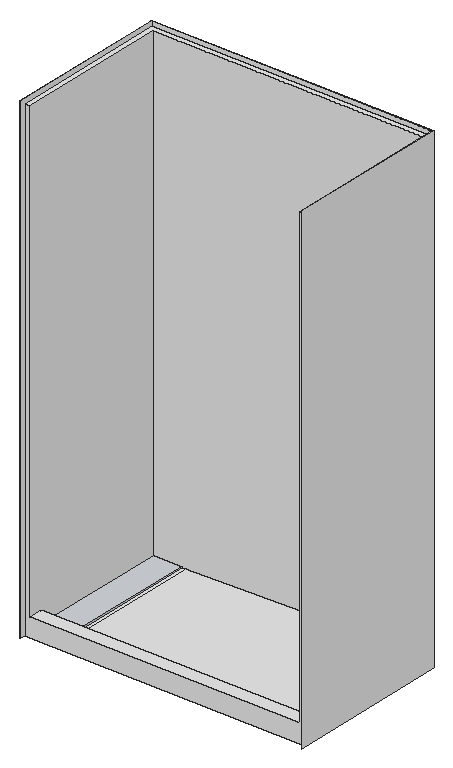
Revit family "XB7S6034ST.V3 L-R", category Plumbing Fixtures, Revit 2019
Family settings
  Round Connector Dimension = Use Diameter
  Part Type = Normal
  OmniClass Number = 23.45.05.14.17
  OmniClass Title = Showers
  Work Plane-Based = No
  Always vertical = Yes
  Cut with Voids When Loaded = No
  Shared = No
  Room Calculation Point = No
Parameters (values of type "XB7S6034ST.V3")
  Unit Width = 60"
  Unit Height = 102 1/2"
  URL = "http://www.bestbath.com/"
  Type Comments = "Independent Living"
  Curb Height = 4"
  Model = "XB7S6034ST.V3"
  Material [instance] = Best Bath Gelcoat Fiberglass - Subway 4x12
  Manufacturer = "Best Bath Systems, Inc."
  Keynote = "22 40 00.B3"
  Description = "Subway 4x12 Wall Finish, Curbed"
  Assembly Code = "D2010710"
Reference planes (in)
  plane 1 "Back": y = -1.25
  plane 2: z = 0
  plane 3 "Left": x = 0
  plane 4: x = 60
  plane 5: y = -35.25
  plane 6: z = 101.5
  plane 7: z = 2.5
  plane 8: z = 102.5
  plane 9: y = -2.5
  plane 10: y = -17.25
  plane 11: z = 1.25
  plane 12: z = 4
  plane 13: y = -36.25
  plane 14: y = -32.25
  plane 15: x = 5
Forms (in)
  Extrusion 1, solid, material "Best Bath Gelcoat Fiberglass - Subway 4x12"
    sketch origin (0, 0, 0) x (1, 0, 0) y (0, 1, 0)
      loop
        line (0, -1.25) -> (0, -35.25) -> (60, -35.25) -> (60, -1.25) -> (0, -1.25)
    from 0 to 2.5
  Extrusion 2, solid, material "Best Bath Gelcoat Fiberglass - Subway 4x12"
    sketch origin (0, 0, 0) x (1, 0, 0) y (0, 1, 0)
      loop
        line (0, -1.25) -> (0, -35.25) -> (1.25, -35.25) -> (1.25, -2.62152)
        arc (1.25, -2.62152) -> (1.28559, -2.53559) -> (1.37152, -2.5) r 0.12152
        line (1.37152, -2.5) -> (58.375, -2.5)
        arc (58.375, -2.5) -> (58.64017, -2.60983) -> (58.75, -2.875) r 0.375
        line (58.75, -2.875) -> (58.75, -35.25) -> (60, -35.25) -> (60, -1.25) -> (0, -1.25)
    from 0 to 101.5
  Sweep 3, solid, material "Best Bath Gelcoat Fiberglass - Subway 4x12"
    path origin (0, 0, 0) x (1, 0, 0) y (0, 1, 0)
      loop
        line (1.25, -35.25) -> (58.75, -35.25)
    profile origin (30, -35.25, 0) x (0, 1, 0) y (0, 0, 1)
      loop
        line (0, 0) -> (3.58332, 0) -> (2.99712, 4) -> (0, 4) -> (0, 0)
  Extrusion 4, solid, material "Best Bath Gelcoat Fiberglass - Subway 4x12"
    sketch origin (0, 0, 0) x (1, 0, 0) y (0, 1, 0)
      loop
        line (0, -36.25) -> (0.125, -36.25) -> (0.125, -1.375) -> (59.875, -1.375) -> (59.875, -36.25) -> (60, -36.25) -> (60, -1.25) -> (0, -1.25) -> (0, -36.25)
    from 0 to 102.5
  Extrusion 5, void
    sketch origin (0, 0, 0) x (1, 0, 0) y (0, 1, 0)
      loop
        line (2.67983, -3.25) -> (2.67983, -30.75) -> (7.17983, -30.75) -> (7.17983, -3.25) -> (2.67983, -3.25)
    from 1.25 to 12.25
  Extrusion 6, void
    sketch origin (1.5, -38.5, 0) x (1, 0, 0) y (0, 0, 1)
      loop
        line (-0.25, 101.5) -> (-0.25, 1.25) -> (6.75, 1.25) -> (57.25, 2.58376) -> (57.25, 101.5) -> (-0.25, 101.5)
    from -36 to -6.83332
  Extrusion 7, void
    sketch origin (0, 0, 0) x (1, 0, 0) y (0, 1, 0)
      loop
        circle (5, -17.25) r 1.625
    from 0 to 10
  Extrusion 8, solid
    sketch origin (0, 0, 0) x (1, 0, 0) y (0, 1, 0)
      loop
        line (1.75, -3) -> (1.75, -31.16668) -> (7.75, -31.16668) -> (7.75, -3) -> (1.75, -3)
    from 1.5 to 1.75
Cuts and joins
  Extrusion 5, Extrusion 6, Extrusion 7 cuts Extrusion 1
  Extrusion 6, Extrusion 7 cuts Extrusion 2
  Extrusion 6, Extrusion 7 cuts Sweep 3
  Extrusion 6, Extrusion 7 cuts Extrusion 4
  joined: Extrusion 1, Extrusion 2, Sweep 3, Extrusion 4
Dimensions and locks (in)
  "Unit Width": plane 3 "Left" to plane 4
  locked: plane 8 to plane 6 at 1
  "Unit Height": plane 8 to level
  cut or joined group of Extrusion 1, Extrusion 2, Sweep 3, Extrusion 4, Extrusion 5, Extrusion 6, Extrusion 7 to cut or joined group of Extrusion 1, Extrusion 2, Sweep 3, Extrusion 4, Extrusion 5, Extrusion 6, Extrusion 7 = 57 1/2"
  locked: plane 1 "Back" to plane 10 at 16
  locked: plane 9 to plane 1 "Back" at 1.25
  locked: Extrusion 2 sketch curve to Extrusion 1 at 1.25
  locked: Extrusion 1 to Extrusion 2 sketch curve at 1.25
  "Curb Height": plane 12 to level
  locked: plane 5 to plane 13 at 1
  plane 13 to plane 1 "Back" = 35"
  plane 14 to plane 5 = 3"
  locked: cut or joined group of Extrusion 1, Extrusion 2, Sweep 3, Extrusion 4, Extrusion 5, Extrusion 6, Extrusion 7 to plane 15 at 5
  plane 1 "Back" to Extrusion 5 sketch curve = 2"
  Extrusion 5 sketch curve to plane 14 = 1 1/2"
  locked: Extrusion 6 sketch curve to Extrusion 6 sketch curve at 7
  plane 12 to plane 11 = 2 3/4"
  locked: plane 12 to plane 7 at 1.5
  equal spacing: cut or joined group of Extrusion 1, Extrusion 2, Sweep 3, Extrusion 4, Extrusion 5, Extrusion 6, Extrusion 7, Extrusion 8 sketch curve, Extrusion 8 sketch curve, cut or joined group of Extrusion 1, Extrusion 2, Sweep 3, Extrusion 4, Extrusion 5, Extrusion 6, Extrusion 7
  equal spacing: cut or joined group of Extrusion 1, Extrusion 2, Sweep 3, Extrusion 4, Extrusion 5, Extrusion 6, Extrusion 7, Extrusion 8 sketch curve, cut or joined group of Extrusion 1, Extrusion 2, Sweep 3, Extrusion 4, Extrusion 5, Extrusion 6, Extrusion 7
  Extrusion 8 sketch curve to cut or joined group of Extrusion 1, Extrusion 2, Sweep 3, Extrusion 4, Extrusion 5, Extrusion 6, Extrusion 7 = 1/2"
  diameter of Extrusion 7 sketch curve = 3 1/4"
  aligned and locked: level to plane 2
  aligned and locked: plane 7 to Extrusion 1
  aligned and locked: plane 5 to Extrusion 1 sketch curve
  aligned and locked: plane 4 to Extrusion 1 sketch curve
  aligned and locked: Extrusion 2 sketch curve to Extrusion 1  (x3)
  aligned and locked: Extrusion 2 sketch curve to plane 9
  aligned and locked: plane 12 to Sweep 3 sketch curve
  aligned and locked: plane 6 to cut or joined group of Extrusion 1, Extrusion 2, Sweep 3, Extrusion 4, Extrusion 5, Extrusion 6, Extrusion 7
  aligned and locked: plane 8 to Extrusion 4
Automatic sketch dimensions
  Extrusion 1 sketch curve to plane 3 "Left" = 0"
  plane 1 "Back" to Extrusion 1 sketch curve = 0"
  Sweep 3 sketch curve to plane 5 = 0"
  plane 3 "Left" to Sweep 3 sketch curve = 1 1/4"
  plane 4 to Sweep 3 sketch curve = 1 1/4"
  Extrusion 2 sketch curve to plane 5 = 0"  (x2)
  Extrusion 2 sketch curve to Extrusion 2 sketch curve = 0.12152"
  Extrusion 2 sketch curve to Extrusion 2 sketch curve = 3/8"
  plane 1 "Back" to Extrusion 4 sketch curve = 0"
  Extrusion 4 sketch curve to plane 3 "Left" = 0"
  Extrusion 4 sketch curve to plane 13 = 0"  (x2)
  Extrusion 4 sketch curve to plane 4 = 0"
  plane 3 "Left" to Extrusion 4 sketch curve = 1/8"
  plane 4 to Extrusion 4 sketch curve = 1/8"
  plane 1 "Back" to Extrusion 4 sketch curve = 1/8"
  Sweep 3 sketch curve to profile plane = 0"
  Sweep 3 sketch curve to level = 0"
  Sweep 3 sketch curve to Sweep 3 sketch curve = 2.99712"
  Sweep 3 sketch curve to Sweep 3 sketch curve = 3.58332"
  Extrusion 5 sketch curve to plane 15 = 2.32017"
  plane 15 to Extrusion 5 sketch curve = 2.17983"
  Extrusion 6 sketch curve to plane 6 = 0"
  Extrusion 6 sketch curve to plane 11 = 0"
  plane 7 to Extrusion 6 sketch curve = 0.08376"
  plane 3 "Left" to Extrusion 6 sketch curve = 1 1/4"
  plane 4 to Extrusion 6 sketch curve = 1 1/4"
  Extrusion 7 sketch curve to plane 10 = 0"
  Extrusion 7 sketch curve to plane 15 = 0"
  plane 14 to Extrusion 8 sketch curve = 1.08332"
  Extrusion 8 sketch curve to plane 9 = 1/2"
  plane 3 "Left" to Extrusion 8 sketch curve = 1 3/4"
